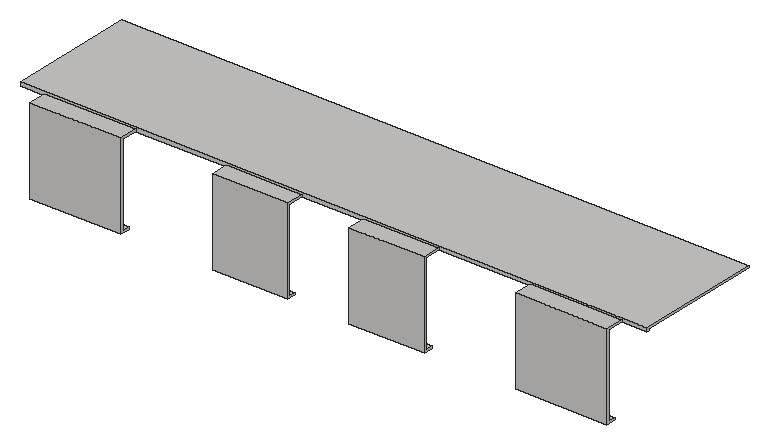
Revit family "Access_Flooring-FreeAxez-Border-L_Type", category Specialty Equipment, Revit 2026
Family settings
  Round Connector Dimension = Use Diameter
  Part Type = Normal
  Classification Number = 23.35.50.27.14
  Work Plane-Based = No
  Enable Cutting in Views = No
  Always vertical = Yes
  Cut with Voids When Loaded = No
  Maintain Annotation Orientation = No
  Shared = No
  Room Calculation Point = No
Parameters (values of type "Gridd70")
  Width = 1' - 7.685"  # constant formula
  URL = "https://www.freeaxez.com"
  Type Comments = ""
  Product Page URL = "https://www.freeaxez.com/gridd/#features"
  Product Documentation Link = "https://www.freeaxez.com/wp-content/uploads/2018/04/GRIDD-Catalog.pdf"
  Model = "FA-7103"
  Manufacturer = "FreeAxez"
  Keynote = ""
  Height = 0' - 2.76"
  Disclaimer = "Your use of file(s) issued by FreeAxez, LLC confirms your acceptance of the following terms:  i) This file(s) is uncontrolled.  ii) Drawings are issued from FreeAxez, LLC in PDF format: The PDF document contains the issued data. Any accompanying BIM, CAD, image, or supplementary support file(s) is issued for your information only. Where discrepancies arise, the PDF document will take priority.  iii) This file(s) is to assist you with your production of work commissioned by FreeAxez, LLC for FreeAxez, LLC for the current project only and is not to be reused or manipulated by you on other projects, nor is it to be shared outside your organization without our express written permission.  iv) Where this file(s) is a BIM/CAD file, it is not a complete representation of the project but should be considered to show the design in general arrangement only and should not be relied on for construction purposes. Not all areas have been fully modelled. This File(s) should be read in conjunction with relevant details, specification, codes, and regulations.  v) Where this file is a BIM/CAD file and the project is in design stage, it plus any associated views or support files are made available for information purposes only and shall be considered Work In Progress. It is shared as an uncontrolled document and as such is subject to change and is to be treated as not yet checked or verified for use outside of the design team. The user is not to rely upon the data and/or information contained therein.  vi) Where this file is a BIM/CAD file issued for construction, it plus any associated views or support files are made available for information purposes only and is shared as an uncontrolled document. The user is not to rely upon the data and/or information contained therein.  vii) Where this file is a BIM/CAD file that has been exported from our Revit model(s) and shared as DGN, DWG, IFC, NWC or similar file formats, FreeAxez, LLC does not warrant the accuracy or completeness of the data. In addition, the user is not to expect linework weights, styles, colors, symbols, and geo-locations to align with the original BIM data.  viii) The information contained herein may be based on data or drawings supplied to FreeAxez, LLC by other parties and whilst every effort has been made to ensure the validity of data, FreeAxez, LLC do not warrant the accuracy or completeness of the data contained therein. FreeAxez, LLC makes no representations or warranties, express or implied, regarding the accuracy or completeness of this data.  ix) To the maximum extent permitted by law FreeAxez, LLC disclaims all warranties whether express or implied, including without limitation, all warranties of merchantability, title, and fitness for purpose of this file(s), and the user assumes full responsibility for loss resulting from any errors, variants, defects, virus infections or omissions in the supplied data and or information, and the use of or inability to use the data.  If you do not accept these conditions, please contact us immediately."
  Description = "Gridd70 L-Type Border"
  Depth = 0' - 4 135/256"  # constant formula
  Default Elevation = 0' - 0"
  Cost = 0
  Copyright = "© 2022 FreeAxez LLC.  All Rights Reserved."
  Assembly Code = ""
Types (2): name | Model | Height | Description
  Gridd40 | "FA-4103" | 0' - 1.57" | "Gridd40 L-Type Border"
  Gridd70 | "FA-7103" | 0' - 2.76" | "Gridd70 L-Type Border"
Reference planes (in)
  plane 1 "Center (Front/Back)": y = 0
  plane 2 "Bottom": z = 0
  plane 3 "Center (Left/Right)": x = 0
  plane 4: x = -9.8425
  plane 5: x = 9.8425
  plane 6 "Front": y = -2.26368
  plane 7: y = 2.26368
  plane 8: z = 2.76
  plane 9: z = 2.70114
  plane 10: y = -1.70296
  plane 11 "Left": x = -9.88238
  plane 12 "Right": x = 9.88238
  plane 13 "Back": y = 2.30356
Forms (in)
  Extrusion 1, solid, material "Steel - Galvanized - FreeAxez"
    sketch origin (0, 0, 0) x (0, 1, 0) y (0, 0, 1)
      loop
        line (-1.63996, 2.64229) -> (-1.63996, 2.70114) -> (2.26367, 2.70114) -> (2.26367, 2.76) -> (-1.70296, 2.76) -> (-1.70296, 2.70114) -> (-2.26367, 2.70114) -> (-2.26367, 0) -> (-1.97144, 0) -> (-1.97144, 0.063) -> (-2.20067, 0.063) -> (-2.20067, 2.64229) -> (-1.63996, 2.64229)
    from -9.8425 to 9.8425
  Extrusion 2, void
    sketch origin (0, 0, 0) x (1, 0, 0) y (0, 0, 1)
      loop
        line (-9.8425, 2.76) -> (-9.8425, 0) -> (-9.08391, 0) -> (-9.08391, 2.76) -> (-9.8425, 2.76)
      loop
        line (-6.226, 2.76) -> (-6.226, 0) -> (-3.3627, 0) -> (-3.3627, 2.76) -> (-6.226, 2.76)
      loop
        line (-0.99902, 2.76) -> (-0.99902, 0) -> (0.93098, 0) -> (0.93098, 2.76) -> (-0.99902, 2.76)
      loop
        line (3.29328, 2.76) -> (3.29328, 0) -> (6.17398, 0) -> (6.17398, 2.76) -> (3.29328, 2.76)
      loop
        line (9.03046, 2.76) -> (9.03046, 0) -> (9.8425, 0) -> (9.8425, 2.76) -> (9.03046, 2.76)
    from 1.70312 to 2.45312
Cuts and joins
  Extrusion 2 cuts Extrusion 1
Lines and regions (in)
  Masking region 1
    outline origin (0, 0, 0) x (1, 0, 0) y (0, 1, 0)
      loop
        line (-9.8425, 2.26368) -> (-9.8425, -1.70296) -> (9.8425, -1.70296) -> (9.8425, 2.26368) -> (-9.8425, 2.26368)
  symbolic lines, style "SpecialityEquipmentHiddenLines", detail levels medium+fine
    curve 1: line (-9.08391, -1.70296, 0) -> (-9.08391, -2.26367, 0)
    curve 2: line (-9.08391, -2.26367, 0) -> (-6.226, -2.26367, 0)
    curve 3: line (-6.226, -2.26367, 0) -> (-6.226, -1.70296, 0)
    curve 4: line (-3.3627, -1.70296, 0) -> (-3.3627, -2.26367, 0)
    curve 5: line (-3.3627, -2.26367, 0) -> (-0.99902, -2.26367, 0)
    curve 6: line (-0.99902, -2.26367, 0) -> (-0.99902, -1.70296, 0)
    curve 7: line (0.93098, -1.70296, 0) -> (0.93098, -2.26367, 0)
    curve 8: line (0.93098, -2.26367, 0) -> (3.29328, -2.26367, 0)
    curve 9: line (3.29328, -2.26367, 0) -> (3.29328, -1.70296, 0)
    curve 10: line (6.17398, -1.70296, 0) -> (6.17398, -2.26367, 0)
    curve 11: line (6.17398, -2.26367, 0) -> (9.03046, -2.26367, 0)
    curve 12: line (9.03046, -2.26367, 0) -> (9.03046, -1.70296, 0)
Dimensions and locks (in)
  equal spacing: plane 4, plane 3 "Center (Left/Right)", plane 5
  "Width": plane 4 to plane 5
  equal spacing: plane 6 "Front", plane 1 "Center (Front/Back)", plane 7
  "Depth": plane 6 "Front" to plane 7
  "Height": plane 8 to plane 2 "Bottom"
  locked: plane 9 to plane 8 at 0.05886
  locked: Extrusion 1 sketch curve to plane 9 at 0.05886
  locked: plane 10 to plane 6 "Front" at 0.56072
  locked: plane 11 "Left" to plane 4 at 0.03988
  locked: plane 5 to plane 12 "Right" at 0.03988
  locked: plane 13 "Back" to plane 7 at 0.03988
  aligned and locked: level to plane 2 "Bottom"
  aligned and locked: Extrusion 1 to plane 4
  aligned and locked: plane 5 to Extrusion 1
  aligned and locked: Extrusion 1 sketch curve to plane 8
  aligned and locked: Extrusion 1 sketch curve to plane 9  (x2)
  aligned and locked: plane 8 to Extrusion 2 sketch curve  (x5)
  aligned and locked: Masking region 1 sketch curve to plane 5
  aligned and locked: plane 10 to Masking region 1 sketch curve
  aligned and locked: plane 7 to Masking region 1 sketch curve
  aligned and locked: plane 4 to Masking region 1 sketch curve
Automatic sketch dimensions
  Extrusion 2 sketch curve to level = 0' - 0"  (x5)
  Extrusion 2 sketch curve to plane 4 = 0' - 0"
  Extrusion 2 sketch curve to plane 5 = 0' - 0"
  Extrusion 2 sketch curve to Extrusion 2 sketch curve = 0' - 0.75859"
  Extrusion 2 sketch curve to Extrusion 2 sketch curve = 0' - 2.85791"
  Extrusion 2 sketch curve to Extrusion 2 sketch curve = 0' - 2 221/256"
  Extrusion 2 sketch curve to plane 3 "Center (Left/Right)" = 0' - 0.99902"
  plane 3 "Center (Left/Right)" to Extrusion 2 sketch curve = 0' - 0.93098"
  Extrusion 2 sketch curve to Extrusion 2 sketch curve = 0' - 2.3623"
  Extrusion 2 sketch curve to Extrusion 2 sketch curve = 0' - 2.8807"
  Extrusion 2 sketch curve to Extrusion 2 sketch curve = 0' - 0.81204"
  Extrusion 1 sketch curve to level = 0' - 0"
  Extrusion 1 sketch curve to plane 6 "Front" = 0' - 0"
  Extrusion 1 sketch curve to plane 6 "Front" = 0' - 0.06301"
  Extrusion 1 sketch curve to Extrusion 1 sketch curve = 0' - 0.22923"
  Extrusion 1 sketch curve to Extrusion 1 sketch curve = 0' - 0.49771"
  plane 7 to Extrusion 1 sketch curve = 0' - 0"
  level to Extrusion 1 sketch curve = 0' - 0.063"
  Extrusion 1 sketch curve to Extrusion 1 sketch curve = 0' - 0.063"
  curve 1 to plane 10 = 0' - 0"
  curve 3 to plane 10 = 0' - 0"
  curve 4 to plane 10 = 0' - 0"
  curve 6 to plane 10 = 0' - 0"
  curve 7 to plane 10 = 0' - 0"
  curve 9 to plane 10 = 0' - 0"
  curve 10 to plane 10 = 0' - 0"
  curve 12 to plane 10 = 0' - 0"
  curve 1 to plane 6 "Front" = 0' - 0"
  plane 4 to curve 1 = 0' - 0.75859"
  curve 1 to curve 3 = 0' - 2.85791"
  curve 4 to plane 6 "Front" = 0' - 0"
  curve 2 to curve 4 = 0' - 2 221/256"
  curve 6 to plane 3 "Center (Left/Right)" = 0' - 0.99902"
  curve 7 to plane 6 "Front" = 0' - 0"
  plane 3 "Center (Left/Right)" to curve 7 = 0' - 0.93098"
  curve 7 to curve 9 = 0' - 2.3623"
  curve 8 to curve 10 = 0' - 2.8807"
  curve 12 to plane 6 "Front" = 0' - 0"
  curve 12 to plane 5 = 0' - 0.81204"
